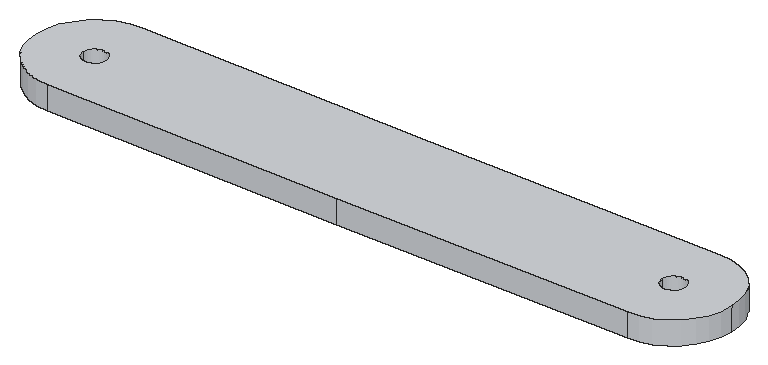
Revit family "MN-Sezione_T_h", category Generic Models, Revit 2012
Parameters (values of type "SezioneT_h")
  top_h_r [instance] = top_r + top_conca_h_ctrl + r_ctrl  # 31300 mm
  top_conca_h [instance] = 83.5 mm
  top_conca_h_ctrl [instance] = if(top_conca_h > r_ctrl - 1 mm, r_ctrl - 1 mm, if(top_conca_h < -r_ctrl + conca_distanza_min, -r_ctrl + 1 mm + conca_distanza_min, top_conca_h))  # 49.5 mm
  top_cerchio_a [instance] = top_angolo + 90.0000°  # 90.4584°
  top_angolo [instance] = 90.0000° - 2 * (atan((interasse + 2 * top_conca_h_ctrl - 2 * r_ctrl) / (interasse - 2 * top_conca_h_ctrl + 2 * r_ctrl)))  # 0.458364°
  spessore_half [instance] = spessore / 2  # 10 mm
  spessore [instance] = 20 mm
  r_ctrl [instance] = if(and(r > 0 mm, r > conca_distanza_min), if(r > interasse_half, interasse_half - 10 mm, r), conca_distanza_min + 10 mm)  # 50.5 mm
  r [instance] = 50.5 mm
  materiale = none
  foro_r_ctrl [instance] = if(foro_r < r, foro_r, r - 10 mm)  # 10 mm
  foro_r = 10 mm
  conca_distanza_min = 20 mm
  interasse_half [instance] = interasse / 2  # 250 mm
  top_r [instance] = (-(interasse ^ 2) - 4 * (top_conca_h_ctrl ^ 2) + 4 * (r_ctrl ^ 2)) / (8 * (top_conca_h_ctrl - r_ctrl))  # 31200 mm
  interasse [instance] = 500 mm
  bottom_h_r [instance] = (bottom_r + r_ctrl) - bottom_conca_h_ctrl  # 31300 mm
  bottom_conca_h_ctrl [instance] = if(bottom_conca_h > r_ctrl + interasse / 2 - 20 mm, r_ctrl + interasse / 2 - 20 mm, if(bottom_conca_h < r_ctrl + 1 mm, r_ctrl + 1 mm, bottom_conca_h))  # 51.5 mm
  bottom_conca_h [instance] = 27.6 mm
  bottom_r [instance] = (interasse ^ 2 + 4 * (bottom_conca_h_ctrl ^ 2) - 16 * bottom_conca_h_ctrl * r_ctrl + 12 * (r_ctrl ^ 2)) / (8 * (bottom_conca_h_ctrl - r_ctrl)) + 2 * r_ctrl  # 31301 mm
  bottom_cerchio_a [instance] = 90.0000° - bottom_angolo  # 89.5416°
  bottom_angolo [instance] = 90.0000° - 2 * atan((interasse - 2 * bottom_conca_h_ctrl + 2 * r_ctrl) / (interasse + 2 * bottom_conca_h_ctrl - 2 * r_ctrl))  # 0.458364°
  Default Elevation = 1219.2 mm
Reference planes
  plane 1 "Center (Front/Back)": y = 0
  plane 2: z = 0
  plane 3 "Center (Left/Right)": x = 0
  plane 4: x = 500
  plane 5: x = 250
  plane 6: y = 31249.5
  plane 7: y = -50.5
  plane 8: y = 31249.5
  plane 9: z = 20
Forms (mm)
  Extrusion 1, solid
    sketch origin (0, 0, 0) x (1, 0, 0) y (0, 1, 0)
      loop
        arc (250, -51.5) -> (375.203, -51.25) -> (500.404, -50.498) r 31301
        arc (500.404, -50.498) -> (535.851, -35.566) -> (550.5, 0) r 50.5
        arc (550.5, 0) -> (535.566, 35.851) -> (499.596, 50.498) r 50.5
        arc (499.596, 50.498) -> (374.799, 49.75) -> (250, 49.5) r 31200
        arc (250, 49.5) -> (125.201, 49.75) -> (0.404, 50.498) r 31200
        arc (0.404, 50.498) -> (-35.566, 35.851) -> (-50.5, 0) r 50.5
        arc (-50.5, 0) -> (-35.851, -35.566) -> (-0.404, -50.498) r 50.5
        arc (-0.404, -50.498) -> (124.797, -51.25) -> (250, -51.5) r 31301
    from 0 to 20
  Extrusion 2, void
    sketch origin (0, 0, 0) x (1, 0, 0) y (0, 1, 0)
      loop
        circle (0, 0) r 10
      loop
        circle (500, 0) r 10
    from 0 to 20
Cuts and joins
  Extrusion 2 cuts Extrusion 1
Dimensions and locks
  equal spacing: plane 4, plane 5, plane 3 "Center (Left/Right)"
  "interasse_half": plane 5 to plane 3 "Center (Left/Right)"
  "r_ctrl": plane 7 to plane 1 "Center (Front/Back)"
  "top_h_r": plane 6 to plane 7
  "bottom_h_r": plane 8 to plane 7
  "spessore": plane 9 to level
  "top_r": radius of Extrusion 1 sketch curve
  "bottom_r": radius of Extrusion 1 sketch curve
  "r_ctrl": radius of Extrusion 1 sketch curve  (x4)
  "foro_r_ctrl": radius of Extrusion 2 sketch curve  (x2)
  "top_angolo": angle Extrusion 1 sketch curve to Extrusion 1 sketch curve  (x2)
  "bottom_angolo": angle Extrusion 1 sketch curve to Extrusion 1 sketch curve  (x2)
  "bottom_cerchio_a": angle Extrusion 1 sketch curve to Extrusion 1 sketch curve  (x2)
  "top_cerchio_a": angle Extrusion 1 sketch curve to Extrusion 1 sketch curve  (x2)
  aligned and locked: level to plane 2
  aligned and locked: plane 6 to Extrusion 1 sketch curve
  aligned and locked: plane 5 to Extrusion 1 sketch curve  (x4)
  aligned and locked: plane 8 to Extrusion 1 sketch curve
  aligned and locked: plane 1 "Center (Front/Back)" to Extrusion 1 sketch curve  (x6)
  aligned and locked: plane 3 "Center (Left/Right)" to Extrusion 1 sketch curve
  aligned and locked: plane 4 to Extrusion 1 sketch curve
  aligned and locked: plane 1 "Center (Front/Back)" to Extrusion 2 sketch curve  (x2)
  aligned and locked: plane 3 "Center (Left/Right)" to Extrusion 2 sketch curve
  aligned and locked: plane 4 to Extrusion 2 sketch curve
  aligned and locked: plane 9 to Extrusion 1
  aligned and locked: Extrusion 1 to Extrusion 2
Automatic sketch dimensions
  Extrusion 1 sketch curve to Extrusion 1 sketch curve = 0 mm  (x2)
